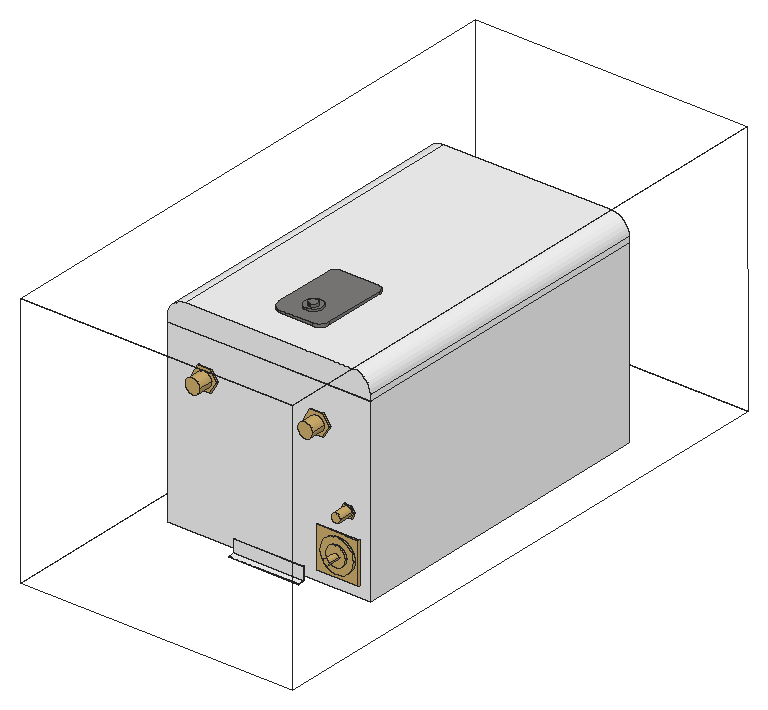
Revit family "Water_Boiler-Navien-NFB-Condensing-02", category Mechanical Equipment, host Face, Revit 2016
Family settings
  Host = Face
  Part Type = Normal
  Round Connector Dimension = Use Diameter
  OmniClass Number = 23.65.35.11
  OmniClass Title = Supply Water Heaters
  Cut with Voids When Loaded = No
  Shared = No
  Room Calculation Point = No
Parameters (values of type "NFB-175")
  Width = 1' - 5 77/256"  # constant formula
  Wi-Fi Ready = "NaviLink Wi‑Fi Control: This add-on accessory enables access to control temperatures remotely, access usage data and receive diagnostic notifications via smartphone or tablet."  # constant formula
  Weight = 123.00 lbf  # constant formula
  Water Pressure = "12–80 psi"  # constant formula
  Warranty Note = "Heat Exchangers: 15 years limited warranty (Residential), 10 years (Commercial) | Parts: 5 years (Residential), 3 years (Commercial) | Labor: 1 year (Residential), 1 year (Commercial)"  # constant formula
  Warranty = "https://www.navieninc.com/warranties"
  Voltage = 120 V
  Version = "2016 - v1.0.a"  # constant formula
  Venting Type = "Forced draft direct vent"  # constant formula
  Venting = if(and([2" Exhaust/Intake], [3" Exhaust/Intake]), "Select one Vent Option", if([2" Exhaust/Intake], "PVC, CPVC, PP | Size (2in) | Length (60 ft)", if([3" Exhaust/Intake], "PVC, CPVC, PP | Size (3in) | Length (150 ft)", "Select Vent Option")))  # "PVC, CPVC, PP | Size (2in) | Length (60 ft)"
  URL = "https://www.navieninc.com"
  Recirculation Inlet = 3/4"  # constant formula
  Propane Gas Supply Pressure = "8.0\" to 13.5\" WC"  # constant formula
  Propane Gas Manifold Pressure = "-0.10\" to -0.68\" WC"  # constant formula
  Product Page URL = "https://www.navieninc.com/products/nfb-175"
  Product Name = "NFB Series Condensing Boiler"  # constant formula
  Product Documentation Link = "https://www.navieninc.com/downloads/navien-nfb-quickfacts-en"
  Power Factor = 1
  Phase = 1
  Number of Poles = 1
  Natural Gas Supply Pressure = "3.5\" to 10.5\" WC"  # constant formula
  Natural Gas Manifold Pressure = "-0.05\" to -0.70\" WC"  # constant formula
  Model = "NFB-175"  # constant formula
  Material = ""
  Manufacturer Phone Number = "(949) 420-0420"  # constant formula
  Manufacturer Fax Number = "(949) 420-0430"  # constant formula
  Manufacturer Address = "20 Goodyear, Irvine, CA 92618"  # constant formula
  Manufacturer = "Navien, Inc."  # constant formula
  Keynote = "22 33 00.A1"
  Intake = if([2" Exhaust/Intake], 2", 3")  # 2"
  Installation Type = "Indoor Wall-Hung"  # constant formula
  Ignition = "Electronic ignition"  # constant formula
  Hot Water Outlet = 1 1/4"  # constant formula
  Height = 2' - 3 77/128"  # constant formula
  Heating Capacity Note = "17,500–175,000(BTU/H)"  # constant formula
  Heating Capacity = 175000.0 Btu/h
  Gas Inlet = 3/4"  # constant formula
  Frequency = 60 Hz
  Flow Rate = 0 GPM
  Finish = Metal - Navien - White
  Exhaust = if([2" Exhaust/Intake], 2", 3")  # 2"
  Description = "NFB High-Efficiency Condensing Fire Tube Boiler"  # constant formula
  Depth = 1' - 5 77/256"  # constant formula
  Default Elevation = 4' - 0"
  Cold Water Inlet = 1 1/4"  # constant formula
  Certifications = "Energy Star | AHRI | CSA | ASME | CSA Blue Star | CSA Blue Flame"  # constant formula
  3" Exhaust/Intake = not([2" Exhaust/Intake])  # no
  2" Exhaust/Intake = yes
  Copyright = "All contents copyright © Navien Inc."  # constant formula
  Clearance [instance] = yes
  Assembly Code = "D3010500"
  Apparent Load = 0 VA
Reference planes (in)
  plane 1 "Center (Elevation)": y = 0
  plane 2: z = 0
  plane 3 "Center (Left/Right)": x = 0
  plane 4 "Top": y = 16.12695
  plane 5 "Left": x = -10.28125
  plane 6 "Bottom": y = -11.47461
  plane 7 "Right": x = 7.01953
  plane 8: z = 17.70078
  plane 9 "Center (Front/Back)": z = 8.85039
  plane 10: y = 18.79695
  plane 11: z = 0.4
  plane 12: x = -1.63086
  plane 13 "Condensate Outlet 1": z = 3.0018
  plane 14 "Condensate Outlet 2": x = 4.31875
  plane 15: z = 12.5
  plane 16 "Heating Supply": x = -7.08125
  plane 17 "Heating Return": x = 2.51875
  plane 18 "Gas Connection": z = 6.7
  plane 19: y = 2.32617
  plane 20: z = 21.70078
  plane 21: z = -0.1
Forms (in)
  Extrusion 1, solid, material "Metal - Navien - White" <- "Finish", detail levels medium+fine
    sketch origin (0, 0, 0) x (0, 1, 0) y (0, 0, 1)
      loop
        line (-11.4781, 1.12877) -> (-11.52126, 1.12877) -> (-11.52126, 0.04724) -> (-12.09194, 0.04724) -> (-12.09194, 0) -> (-11.4781, 0) -> (-11.4781, 1.12877)
    from -4.58124 to 1.3703
  Extrusion 2, solid, material "Metal - Navien - White" <- "Finish", detail levels medium+fine
    sketch origin (0, 0, 0) x (1, 0, 0) y (0, 0, 1)
      loop
        line (-10.28125, 15.75) -> (7.01953, 15.75) -> (7.01953, 16.2125)
        arc (7.01953, 16.2125) -> (6.58362, 17.26487) -> (5.53125, 17.70078) r 1.48828
        line (5.53125, 17.70078) -> (-8.78125, 17.70078)
        arc (-8.78125, 17.70078) -> (-9.84191, 17.26144) -> (-10.28125, 16.20078) r 1.5
        line (-10.28125, 16.20078) -> (-10.28125, 15.75)
    from -16.12695 to 11.47461
  Extrusion 3, solid, material "Metal - Navien - Brass, Soft Yellow"
    sketch origin (-3.25, 0, 0) x (-1, 0, 0) y (0, 0, -1)
      loop
        circle (4.99187, -12.56948) r 0.66749
    from -17.42437 to -16.12695
  Extrusion 4, solid, material "Metal - Navien - Black", detail levels medium+fine
    sketch origin (0, 19.32383, 5.90687) x (0, 1, 0) y (-1, 0, 0)
      loop
        arc (-21.15746, 3.16493) -> (-21.34721, 3.62302) -> (-21.80529, 3.81276) r 0.64783
        line (-21.80529, 3.81276) -> (-27.01433, 3.81276)
        arc (-27.01433, 3.81276) -> (-27.64587, 3.55117) -> (-27.90746, 2.91963) r 0.89314
        line (-27.90746, 2.91963) -> (-27.90746, 0.1692)
        arc (-27.90746, 0.1692) -> (-27.68779, -0.36113) -> (-27.15746, -0.5808) r 0.75
        line (-27.15746, -0.5808) -> (-21.78679, -0.5808)
        arc (-21.78679, -0.5808) -> (-21.34179, -0.39648) -> (-21.15746, 0.04853) r 0.62933
        line (-21.15746, 0.04853) -> (-21.15746, 3.16493)
    from 11.79391 to 12
  Extrusion 5, solid, material "Metal - Navien - Black", detail levels medium+fine
    sketch origin (0, 19.32383, 4.3925) x (0, 1, 0) y (-1, 0, 0)
      loop
        circle (-26.04399, 1.63904) r 0.38018
    from 13.51437 to 13.80828
  Extrusion 6, solid, material "Metal - Navien - Black", detail levels medium+fine
    sketch origin (0, 19.32383, 4.3925) x (0, 1, 0) y (-1, 0, 0)
      loop
        circle (-26.03131, 1.6317) r 0.75
    from 13.30828 to 13.64814
  Extrusion 7, solid, material "Metal - Navien - White" <- "Finish", detail levels medium+fine
    sketch origin (-3.37047, -180, 9.44422) x (0, 0, 1) y (0, -1, 0)
      loop
        line (6.30578, -168.59281) -> (6.25519, -168.59281) -> (6.25519, -168.52539) -> (-9.04422, -168.52539) -> (-9.04422, -196.12695) -> (6.25519, -196.12695) -> (6.25519, -196.09016) -> (6.30578, -196.09016) -> (6.30578, -168.59281)
    from -6.91078 to 10.39
  Extrusion 8, solid, material "Metal - Navien - Brass, Soft Yellow"
    sketch origin (0, 0, 0) x (1, 0, 0) y (0, 0, 1)
      loop
        line (-7.61818, 13.42102) -> (-8.17158, 12.5) -> (-7.55826, 11.62408) -> (-6.55826, 11.62408) -> (-5.97074, 12.60186) -> (-6.54432, 13.42102) -> (-7.61818, 13.42102)
      loop
        line (1.98182, 13.42102) -> (1.42842, 12.5) -> (2.04174, 11.62408) -> (3.04174, 11.62408) -> (3.62926, 12.60186) -> (3.05568, 13.42102) -> (1.98182, 13.42102)
      loop
        line (4.85542, 7.17504) -> (4.62132, 6.71558) -> (4.84406, 6.21528) -> (5.49115, 6.21528) -> (5.70898, 6.73123) -> (5.40013, 7.17504) -> (4.85542, 7.17504)
      loop
        line (2.57445, 4.80111) -> (2.57445, 1.30111) -> (6.07445, 1.30111) -> (6.07445, 4.80111) -> (2.57445, 4.80111)
    from 11.47461 to 11.59257
  Extrusion 9, solid, material "Metal - Navien - Brass, Soft Yellow"
    sketch origin (0, 0, 0) x (1, 0, 0) y (0, 0, 1)
      loop
        circle (-7.08466, 12.49537) r 0.625
      loop
        circle (2.51875, 12.5) r 0.625
      loop
        circle (5.13524, 6.7) r 0.375
      loop
        circle (4.32126, 3.04987) r 0.25
    from 11.47461 to 12.78461
  Extrusion 10, solid, material "Metal - Navien - Brass, Soft Yellow", detail levels medium+fine
    sketch origin (0.1875, 0, -0.0625) x (1, 0, 0) y (0, 0, 1)
      loop
        circle (4.17616, 3.13101) r 1.42959
    from 11.59257 to 11.73334
  Extrusion 11, solid, material "Metal - Navien - Brass, Soft Yellow", detail levels medium+fine
    sketch origin (0.1875, 0, -0.0625) x (1, 0, 0) y (0, 0, 1)
      loop
        circle (4.15906, 3.14811) r 0.83408
    from 11.73334 to 11.841
  Extrusion 12, solid, material "Metal - Navien - Brass, Soft Yellow", detail levels medium+fine
    sketch origin (0, 0, 0) x (1, 0, 0) y (0, 0, 1)
      loop
        arc (-8.70931, 11.36209) -> (-8.24187, 11.46877) -> (-7.77443, 11.36209) r 1.07739
        arc (-7.77443, 11.36209) -> (-6.94715, 12.56948) -> (-7.77443, 13.77688) r 1.29472
        arc (-7.77443, 13.77688) -> (-8.24187, 13.67019) -> (-8.70931, 13.77688) r 1.07739
        arc (-8.70931, 13.77688) -> (-9.53659, 12.56948) -> (-8.70931, 11.36209) r 1.29472
    from -16.12695 to -16.43192
  Extrusion 13, solid, material "Metal - Navien - White" <- "Finish", detail levels coarse
    sketch origin (0, 19.32383, 4.3925) x (0, 1, 0) y (-1, 0, 0)
      loop
        line (-3.19688, 10.28125) -> (-30.79844, 10.28125) -> (-30.79844, -7.01953) -> (-3.19688, -7.01953) -> (-3.19688, 10.28125)
    from -3.9925 to 13.30828
  Extrusion 14, solid, material "Clearances - Navien", visible <- "Clearance"
    sketch origin (0, 19.32383, 4.3925) x (0, 1, 0) y (-1, 0, 0)
      loop
        line (5.80312, 13.28125) -> (-42.79844, 13.28125) -> (-42.79844, -10.01953) -> (5.80312, -10.01953) -> (5.80312, 13.28125)
    from -4.4925 to 17.30828
Cuts and joins
  joined: Extrusion 4, Extrusion 5, Extrusion 6
  joined: Extrusion 8, Extrusion 9
Lines and regions (in)
  Split face 1
    outline origin (0, 19.32383, 17.90687) x (0, 1, 0) y (-1, 0, 0)
      loop
        line (-22.00951, 2.94276) -> (-23.25951, 2.94276) -> (-23.25951, 0.19276) -> (-22.00951, 0.19276) -> (-22.00951, 2.94276)
  Split face 2
    outline origin (0, 19.32383, 17.90687) x (0, 1, 0) y (-1, 0, 0)
      loop
        circle (-26.06161, 1.63904) r 1
  Split face 3
    outline origin (-3.16493, -1.83363, 17.90687) x (-1, 0, 0) y (0, -1, 0)
      loop
        line (-0.40505, 2.81895) -> (-0.40505, 3.1715) -> (-2.77222, 3.1715) -> (-2.77222, 2.81895) -> (-0.40505, 2.81895)
  Split face 4
    outline origin (-3.16493, -1.83363, 17.90687) x (-1, 0, 0) y (0, -1, 0)
      loop
        line (-2.97217, 2.10205) -> (-2.97217, 0.85205) -> (-0.22217, 0.85205) -> (-0.22217, 2.10205) -> (-2.97217, 2.10205)
  Split face 5
    outline origin (-3.16493, -1.83363, 17.90687) x (-1, 0, 0) y (0, -1, 0)
      loop
        circle (-1.52589, 4.90415) r 1
  model lines, style "Clearance", visible <- "Clearance"
    curve 1: line (-13.28125, 25.12695, -0.1) -> (-13.28125, -23.47461, -0.1)
    curve 2: line (-13.28125, -23.47461, -0.1) -> (10.01953, -23.47461, -0.1)
    curve 3: line (10.01953, -23.47461, -0.1) -> (10.01953, 25.12695, -0.1)
    curve 4: line (10.01953, 25.12695, -0.1) -> (-13.28125, 25.12695, -0.1)
    curve 5: line (10.01953, 25.12695, 21.70078) -> (10.01953, -23.47461, 21.70078)
    curve 6: line (10.01953, -23.47461, 21.70078) -> (-13.28125, -23.47461, 21.70078)
    curve 7: line (-13.28125, -23.47461, 21.70078) -> (-13.28125, 25.12695, 21.70078)
    curve 8: line (-13.28125, 25.12695, 21.70078) -> (10.01953, 25.12695, 21.70078)
    curve 9: line (10.01953, 25.12695, 21.70078) -> (10.01953, 25.12695, -0.1)
    curve 10: line (-13.28125, 25.12695, 21.70078) -> (-13.28125, 25.12695, -0.1)
    curve 11: line (10.01953, -23.47461, 21.70078) -> (10.01953, -23.47461, -0.1)
    curve 12: line (-13.28125, -23.47461, 21.70078) -> (-13.28125, -23.47461, -0.1)
Dimensions and locks (in)
  plane 5 "Left" to plane 3 "Center (Left/Right)" to plane 7 "Right" = 0' - 10 9/32", 0' - 7 5/256"
  "Width": plane 5 "Left" to plane 7 "Right"
  "Height": plane 4 "Top" to plane 6 "Bottom"
  "Depth": plane 8 to plane 11
  equal spacing: plane 8, plane 9 "Center (Front/Back)", level
  locked: plane 10 to plane 4 "Top" at 2.67
  locked: plane 11 to plane 2 at 0.4
  equal spacing: plane 7 "Right", plane 12, plane 5 "Left"
  locked: plane 13 "Condensate Outlet 1" to plane 11 at 2.6018
  locked: plane 14 "Condensate Outlet 2" to plane 7 "Right" at 2.70078
  locked: plane 8 to plane 15 at 5.20078
  plane 17 "Heating Return" to plane 16 "Heating Supply" to plane 5 "Left" = 0' - 9.6" locked, 0' - 3.2" locked
  locked: plane 18 "Gas Connection" to plane 11 at 6.3
  host face to plane 9 "Center (Front/Back)" = 0' - 8.85039"  (x2)
  locked: host sketch curve to plane 9 "Center (Front/Back)" at 8.85039  (x24)
  locked: Extrusion 1 to plane 9 "Center (Front/Back)" at 7.72162  (x2)
  locked: Extrusion 1 to plane 9 "Center (Front/Back)" at 8.80315  (x2)
  locked: Extrusion 1 to plane 9 "Center (Front/Back)" at 8.85039  (x2)
  locked: Extrusion 1 sketch curve to plane 9 "Center (Front/Back)" at 8.85039  (x10)
  locked: Extrusion 1 sketch curve to plane 9 "Center (Front/Back)" at 8.80315  (x10)
  locked: Extrusion 1 sketch curve to plane 9 "Center (Front/Back)" at 7.72162  (x10)
  locked: Extrusion 1 to level at 1.12877  (x2)
  locked: Extrusion 1 to level at 0.04724  (x2)
  locked: Extrusion 1 sketch curve to level at 0.04724  (x10)
  locked: Extrusion 1 sketch curve to level at 1.12877  (x10)
  locked: Extrusion 2 to plane 9 "Center (Front/Back)" at 8.85039  (x2)
  locked: Extrusion 2 to plane 9 "Center (Front/Back)" at 6.89961  (x2)
  locked: Extrusion 2 sketch curve to plane 9 "Center (Front/Back)" at 6.89961  (x10)
  locked: Extrusion 2 sketch curve to plane 9 "Center (Front/Back)" at 7.36211  (x4)
  locked: Extrusion 2 sketch curve to plane 9 "Center (Front/Back)" at 8.85039  (x10)
  locked: Extrusion 2 sketch curve to plane 9 "Center (Front/Back)" at 7.35039  (x4)
  locked: Extrusion 2 to level at 17.70078  (x2)
  locked: Extrusion 2 to level at 15.75  (x2)
  locked: Extrusion 2 sketch curve to level at 15.75  (x10)
  locked: Extrusion 2 sketch curve to level at 16.2125  (x4)
  locked: Extrusion 2 sketch curve to level at 17.70078  (x10)
  locked: Extrusion 2 sketch curve to level at 16.20078  (x4)
  locked: Extrusion 4 sketch curve to plane 9 "Center (Front/Back)" at 2.94352  (x48)
  locked: Extrusion 4 sketch curve to level at 5.90687  (x48)
  locked: Extrusion 5 sketch curve to plane 9 "Center (Front/Back)" at 4.45789  (x4)
  locked: Extrusion 5 sketch curve to level at 4.3925  (x4)
  locked: Extrusion 6 sketch curve to plane 9 "Center (Front/Back)" at 4.45789  (x4)
  locked: Extrusion 6 sketch curve to level at 4.3925  (x4)
  locked: Extrusion 7 to plane 9 "Center (Front/Back)" at 6.89961  (x2)
  locked: Extrusion 7 to plane 9 "Center (Front/Back)" at 6.84902  (x4)
  locked: Extrusion 7 to plane 9 "Center (Front/Back)" at 8.45039  (x2)
  locked: Extrusion 7 sketch curve to plane 9 "Center (Front/Back)" at 6.89961  (x10)
  locked: Extrusion 7 sketch curve to plane 9 "Center (Front/Back)" at 6.84902  (x20)
  locked: Extrusion 7 sketch curve to plane 9 "Center (Front/Back)" at 8.45039  (x10)
  locked: Extrusion 7 to level at 15.75  (x2)
  locked: Extrusion 7 to level at 15.69941  (x4)
  locked: Extrusion 7 to level at 0.4  (x2)
  locked: Extrusion 7 sketch curve to level at 15.75  (x10)
  locked: Extrusion 7 sketch curve to level at 15.69941  (x20)
  locked: Extrusion 7 sketch curve to level at 0.4  (x10)
  locked: Extrusion 8 sketch curve to plane 9 "Center (Front/Back)" at 4.57063  (x20)
  locked: Extrusion 8 sketch curve to plane 9 "Center (Front/Back)" at 3.75147  (x8)
  locked: Extrusion 8 sketch curve to plane 9 "Center (Front/Back)" at 2.77369  (x20)
  locked: Extrusion 8 sketch curve to plane 9 "Center (Front/Back)" at 3.64961  (x8)
  locked: Extrusion 8 sketch curve to plane 9 "Center (Front/Back)" at 2.11916  (x4)
  locked: Extrusion 8 sketch curve to plane 9 "Center (Front/Back)" at 1.67535  (x10)
  locked: Extrusion 8 sketch curve to plane 9 "Center (Front/Back)" at 2.63511  (x10)
  locked: Extrusion 8 sketch curve to plane 9 "Center (Front/Back)" at 2.13481  (x4)
  locked: Extrusion 8 sketch curve to plane 9 "Center (Front/Back)" at 4.04928  (x10)
  locked: Extrusion 8 sketch curve to plane 9 "Center (Front/Back)" at 7.54928  (x10)
  locked: Extrusion 8 sketch curve to level at 13.42102  (x20)
  locked: Extrusion 8 sketch curve to level at 12.60186  (x8)
  locked: Extrusion 8 sketch curve to level at 11.62408  (x20)
  locked: Extrusion 8 sketch curve to level at 12.5  (x8)
  locked: Extrusion 8 sketch curve to level at 6.73123  (x4)
  locked: Extrusion 8 sketch curve to level at 7.17504  (x10)
  locked: Extrusion 8 sketch curve to level at 6.21528  (x10)
  locked: Extrusion 8 sketch curve to level at 6.71558  (x4)
  locked: Extrusion 8 sketch curve to level at 4.80111  (x10)
  locked: Extrusion 8 sketch curve to level at 1.30111  (x10)
  plane 6 "Bottom" to Extrusion 1 sketch curve to Extrusion 1 sketch curve to Extrusion 1 sketch curve = 0' - 0.00349" locked, 0' - 0.04316" locked, 0' - 0.57068" locked
  locked: plane 8 to Extrusion 2 sketch curve at 1.95078
  locked: plane 6 "Bottom" to cut or joined group of Extrusion 8, Extrusion 9 at 1.31
  plane 6 "Bottom" to cut or joined group of Extrusion 8, Extrusion 9 to Extrusion 10 to Extrusion 11 = 0' - 0.11796" locked, 0' - 0.14077" locked, 0' - 0.10765" locked
  locked: Extrusion 11 sketch curve to plane 13 "Condensate Outlet 1" at 0.91788
  locked: plane 14 "Condensate Outlet 2" to Extrusion 11 sketch curve at 0.86189
  locked: Extrusion 10 sketch curve to plane 14 "Condensate Outlet 2" at 1.38468
  locked: plane 13 "Condensate Outlet 1" to Extrusion 10 sketch curve at 1.36287
  locked: plane 13 "Condensate Outlet 1" to Extrusion 9 sketch curve at 0.20193
  locked: plane 14 "Condensate Outlet 2" to Extrusion 9 sketch curve at 0.25251
  Extrusion 8 sketch curve to Extrusion 8 sketch curve to Extrusion 8 sketch curve to Extrusion 8 sketch curve to Extrusion 8 sketch curve to Extrusion 8 sketch curve to Extrusion 8 sketch curve to Extrusion 8 sketch curve to Extrusion 8 sketch curve to Extrusion 8 sketch curve to Extrusion 8 sketch curve to Extrusion 8 sketch curve to Extrusion 8 sketch curve to Extrusion 8 sketch curve to plane 12 to Extrusion 8 sketch curve to Extrusion 8 sketch curve to Extrusion 8 sketch curve to Extrusion 8 sketch curve to Extrusion 8 sketch curve to Extrusion 8 sketch curve = 0' - 0.36546" locked, 0' - 0.21784" locked, 0' - 0.09101" locked, 0' - 0.54471" locked, 0' - 0.01136" locked, 0' - 0.22275" locked, 0' - 0.99206" locked, 0' - 0.57358" locked, 0' - 0.01394" locked, 0' - 0.4673" locked, 0' - 0.5327" locked, 0' - 0.05993" locked, 0' - 0.5534" locked, 0' - 3.05928" locked, 0' - 4.33988" locked, 0' - 0.57358" locked, 0' - 0.01394" locked, 0' - 1" locked, 0' - 0.05993" locked, 0' - 0.5534" locked
  Extrusion 8 sketch curve to Extrusion 8 sketch curve to Extrusion 8 sketch curve to Extrusion 8 sketch curve to Extrusion 8 sketch curve to Extrusion 8 sketch curve to Extrusion 8 sketch curve to Extrusion 8 sketch curve to Extrusion 8 sketch curve to Extrusion 8 sketch curve to Extrusion 8 sketch curve to Extrusion 8 sketch curve to Extrusion 8 sketch curve to Extrusion 8 sketch curve to plane 11 = 0' - 0" locked, 0' - 0.81915" locked, 0' - 0" locked, 0' - 0.10186" locked, 0' - 0" locked, 0' - 0.87592" locked, 0' - 0" locked, 0' - 4.44903" locked, 0' - 0.44382" locked, 0' - 0.01565" locked, 0' - 0.5003" locked, 0' - 1.41417" locked, 0' - 3 1/2", 0' - 0.90111"
  locked: Extrusion 7 sketch curve to plane 6 "Bottom" at 0.06742
  locked: plane 12 to Extrusion 6 sketch curve at 0.74916
  locked: plane 6 "Bottom" to Extrusion 6 sketch curve at 4.01714
  equal spacing: plane 4 "Top", plane 19, plane 6 "Bottom"
  locked: plane 12 to Extrusion 5 sketch curve at 0.37199
  locked: plane 19 to Extrusion 5 sketch curve at 9.4265
  Extrusion 4 sketch curve to Extrusion 4 sketch curve to Extrusion 4 sketch curve to plane 12 to Extrusion 4 sketch curve to Extrusion 4 sketch curve to Extrusion 4 sketch curve = 0' - 0.64783" locked, 0' - 0.24531" locked, 0' - 1.28877" locked, 0' - 1.46166" locked, 0' - 0.12067" locked, 0' - 0.62933" locked
  plane 6 "Bottom" to Extrusion 4 sketch curve to Extrusion 4 sketch curve to Extrusion 4 sketch curve to Extrusion 4 sketch curve to Extrusion 4 sketch curve to Extrusion 4 sketch curve = 0' - 2.89098" locked, 0' - 0 3/4" locked, 0' - 0.14314" locked, 0' - 5.20904" locked, 0' - 0.0185" locked, 0' - 0.62933" locked
  locked: plane 11 to nested 1 at 4.1
  locked: nested 1 to plane 5 "Left" at 13.5
  locked: plane 11 to nested 2 at 4.3
  locked: nested 2 to plane 5 "Left" at 3.8
  locked: plane 20 to plane 8 at 4
  locked: Extrusion 13 to plane 21 at 0.5
  locked: Extrusion 14 sketch curve to plane 5 "Left" at 3
  locked: plane 7 "Right" to Extrusion 14 sketch curve at 3
  locked: Extrusion 14 sketch curve to plane 4 "Top" at 9
  locked: Extrusion 14 sketch curve to plane 6 "Bottom" at 12
  locked: plane 12 to Extrusion 3 sketch curve at 6.61101
  locked: Extrusion 3 sketch curve to level at 12.56948
  plane 12 to Extrusion 12 sketch curve to Extrusion 12 sketch curve to Extrusion 12 sketch curve to Extrusion 12 sketch curve = 0' - 6.14357" locked, 0' - 0" locked, 0' - 0.93488" locked, 0' - 0" locked
  Extrusion 12 sketch curve to Extrusion 12 sketch curve to Extrusion 12 sketch curve to Extrusion 12 sketch curve to level = 0' - 0" locked, 0' - 2.41479" locked, 0' - 0" locked, 0' - 11.36209" locked
  Extrusion 13 sketch curve to plane 12 to Extrusion 13 sketch curve = 0' - 8.65039" locked, 0' - 8.65039" locked
  Extrusion 13 sketch curve to plane 19 to Extrusion 13 sketch curve = 1' - 1 205/256" locked, 1' - 1 205/256" locked
  aligned and locked: plane 2 to host face
  aligned and locked: level to host face
  aligned and locked: plane 4 "Top" to Extrusion 2
  aligned and locked: plane 6 "Bottom" to Extrusion 2
  aligned and locked: Extrusion 3 to plane 4 "Top"
  aligned and locked: Extrusion 4 to plane 8
  aligned and locked: Extrusion 6 to plane 8
  aligned and locked: Extrusion 7 to plane 5 "Left"
  aligned and locked: Extrusion 7 to plane 7 "Right"
  aligned and locked: Extrusion 8 to plane 6 "Bottom"
  aligned and locked: Extrusion 9 to plane 6 "Bottom"
  aligned and locked: Extrusion 2 sketch curve to plane 5 "Left"
  aligned and locked: Extrusion 2 sketch curve to plane 7 "Right"
  aligned and locked: plane 8 to Extrusion 2 sketch curve
  aligned and locked: Extrusion 7 sketch curve to plane 4 "Top"
  aligned and locked: plane 6 "Bottom" to Extrusion 7 sketch curve
  aligned and locked: plane 20 to Extrusion 14
  aligned and locked: Extrusion 14 to plane 21
  aligned and locked: plane 20 to curve 11
  aligned and locked: plane 20 to curve 12
  aligned and locked: plane 20 to curve 9
  aligned and locked: plane 20 to curve 10
Automatic sketch dimensions
  host sketch curve to host sketch curve = 3' - 11 9/32"
  host sketch curve to host sketch curve = 3' - 8"
  level to Extrusion 1 sketch curve = 0' - 0"
  plane 7 "Right" to Extrusion 2 sketch curve = 0' - 1 125/256"
  Extrusion 2 sketch curve to Extrusion 2 sketch curve = 0' - 0.45078"
  Split face 1 sketch curve to Extrusion 4 = 0' - 0.87"
  Split face 1 sketch curve to Extrusion 4 = 0' - 2.10205"
  Split face 1 sketch curve to Extrusion 4 = 0' - 0.85205"
  Split face 1 sketch curve to Extrusion 4 = 0' - 0.77356"
  Split face 2 sketch curve to Extrusion 4 = 0' - 1.84585"
  Split face 2 sketch curve to Extrusion 4 = 0' - 2.17372"
  Split face 3 sketch curve to cut or joined group of Extrusion 4, Extrusion 5, Extrusion 6 = 0' - 0.97352"
  Split face 3 sketch curve to cut or joined group of Extrusion 4, Extrusion 5, Extrusion 6 = 0' - 1.05288"
  Split face 3 sketch curve to cut or joined group of Extrusion 4, Extrusion 5, Extrusion 6 = 0' - 2.81895"
  Split face 3 sketch curve to Split face 3 sketch curve = 0' - 0.35256"
  Extrusion 7 sketch curve to plane 4 "Top" = 0' - 0.03679"
  plane 7 "Right" to Extrusion 9 sketch curve = 0' - 1.88429"
  Extrusion 9 sketch curve to plane 9 "Center (Front/Back)" = 0' - 2.15039"
  plane 9 "Center (Front/Back)" to Extrusion 9 sketch curve = 0' - 3.64961"
  plane 9 "Center (Front/Back)" to Extrusion 9 sketch curve = 0' - 3.64498"
  plane 3 "Center (Left/Right)" to Extrusion 9 sketch curve = 0' - 2.51875"
  Extrusion 5 sketch curve to plane 12 = 0' - 0.00818"
  Extrusion 6 sketch curve to plane 12 = 0' - 0.00084"
  plane 5 "Left" to Extrusion 9 sketch curve = 0' - 3.19659"
  Extrusion 12 sketch curve to Extrusion 12 sketch curve = 0' - 0"
  Extrusion 12 sketch curve to plane 16 "Heating Supply" = 0' - 1.16062"
  Extrusion 12 sketch curve to Extrusion 12 sketch curve = 0' - 2.1781"
  Extrusion 12 sketch curve to Extrusion 12 sketch curve = 0' - 0.97071"
  Split face 4 sketch curve to cut or joined group of Extrusion 4, Extrusion 5, Extrusion 6 = 0' - 0.87"
  Split face 4 sketch curve to cut or joined group of Extrusion 4, Extrusion 5, Extrusion 6 = 0' - 0.85205"
  Split face 4 sketch curve to Split face 4 sketch curve = 0' - 1 1/4"
  Split face 4 sketch curve to cut or joined group of Extrusion 4, Extrusion 5, Extrusion 6 = 0' - 0.77356"
  Split face 5 sketch curve to Split face 5 sketch curve = 0' - 0"  (x2)
  Split face 5 sketch curve to cut or joined group of Extrusion 4, Extrusion 5, Extrusion 6 = 0' - 2.17372"
  Split face 5 sketch curve to cut or joined group of Extrusion 4, Extrusion 5, Extrusion 6 = 0' - 1.84585"
  Split face 5 sketch curve to Split face 5 sketch curve = 0' - 1"
  curve 5 to plane 7 "Right" = 0' - 3"
  plane 10 to curve 8 = 0' - 6.33"
  curve 7 to plane 5 "Left" = 0' - 3"
  plane 6 "Bottom" to curve 7 = 1' - 0"
  curve 11 to plane 21 = 0' - 0"
  curve 11 to plane 20 = 0' - 0"
  curve 12 to plane 21 = 0' - 0"
  curve 12 to plane 20 = 0' - 0"
  curve 11 to plane 7 "Right" = 0' - 3"
  curve 12 to plane 5 "Left" = 0' - 3"
  curve 10 to plane 20 = 0' - 0"
  curve 10 to plane 21 = 0' - 0"
  curve 9 to plane 21 = 0' - 0"
  curve 9 to plane 20 = 0' - 0"
  curve 10 to plane 5 "Left" = 0' - 3"
  curve 9 to plane 7 "Right" = 0' - 3"
  curve 2 to plane 7 "Right" = 0' - 3"
  plane 6 "Bottom" to curve 2 = 1' - 0"
  curve 2 to plane 5 "Left" = 0' - 3"
  plane 10 to curve 1 = 0' - 6.33"
  radius of Split face 2 sketch curve = 0' - 1"
  radius of Extrusion 9 sketch curve = 0' - 0 5/8"  (x2)
  radius of Extrusion 9 sketch curve = 0' - 0 3/8"
  radius of Extrusion 9 sketch curve = 0' - 0 1/4"
  radius of Extrusion 10 sketch curve = 0' - 1.42959"
  radius of Extrusion 11 sketch curve = 0' - 0.83408"
  radius of Extrusion 3 sketch curve = 0' - 0.66749"
Nested families (in)
  nested 1: "Intake_Exhaust" at (3.21875, 16.12695, 4.5) x (0, 0, -1) z (0, 1, 0), type "Intake_Exhaust"
  nested 2: "Intake_Exhaust" at (-6.48125, 16.12695, 4.7) x (0, 0, -1) z (0, 1, 0), type "Intake_Exhaust"
Connectors (in)
  piping at (-7.08466, -12.78461, 12.49537), diameter 1.25, driven by "Cold Water Inlet"
    settings: on cut or joined group of Extrusion 8, Extrusion 9, index 1, connector inside diameter 24", connector length 0' - 0", flow factor 0, pipe flow 0 GPM, pressure drop 0.00 psi, fitting loss kfactor 0, connector angle 0.00°, fixture units 0, engagement length 0' - 0", angle of deflection 0.00°, flow configuration 0, flow direction 1, fitting loss method 0, system type 20, joint type 0, gender type 0, connector reference index -1, connector utility 0, adjustable connector no, is connector primary yes, connector description "Heating Supply Connection"
  piping at (5.13524, -12.78461, 6.7), diameter 0.75, driven by "Gas Inlet"
    settings: on cut or joined group of Extrusion 8, Extrusion 9, index 2, connector inside diameter 24", connector length 0' - 0", flow factor 0, pipe flow 0 GPM, pressure drop 0.00 psi, fitting loss kfactor 0, connector angle 0.00°, fixture units 0, engagement length 0' - 0", angle of deflection 0.00°, flow configuration 0, flow direction 1, fitting loss method 0, system type 22, joint type 0, gender type 0, connector reference index -1, connector utility 0, adjustable connector no, is connector primary no, connector description "Natural Gas Connection"
  piping at (2.51875, -12.78461, 12.5), diameter 1.25, driven by "Hot Water Outlet"
    settings: on cut or joined group of Extrusion 8, Extrusion 9, index 3, connector inside diameter 24", connector length 0' - 0", flow factor 0, pipe flow 0 GPM, pressure drop 0.00 psi, fitting loss kfactor 0, connector angle 0.00°, fixture units 0, engagement length 0' - 0", angle of deflection 0.00°, flow configuration 0, flow direction 2, fitting loss method 0, system type 19, joint type 0, gender type 0, connector reference index -1, connector utility 0, adjustable connector no, is connector primary no, connector description "Heating Return Connection"
  piping at (4.32126, -12.78461, 3.04987), diameter 0.5
    settings: on cut or joined group of Extrusion 8, Extrusion 9, index 7, connector inside diameter 24", connector length 0' - 0", flow factor 0, pipe flow 0 GPM, pressure drop 0.00 psi, fitting loss kfactor 0, connector angle 0.00°, fixture units 0, engagement length 0' - 0", angle of deflection 0.00°, flow configuration 0, flow direction 0, fitting loss method 0, system type 7, joint type 0, gender type 0, connector reference index -1, connector utility 0, adjustable connector no, is connector primary no, connector description "Condensate Outlet Connection"
  hvac at (3.21875, 18.24138, 4.5), driven by "Exhaust"
    settings: on nested 1, index 8, duct flow 0 CFM, flow factor 0, pres drop 0.00 in-wg, loss coef 0, conn angle 0.00°, conn width 12", conn height 12", conn diameter 2", duct sys type 3, conn prof type 0, flow config 0, flow direction 2, loss method 0, conn ref index -1, conn util no, is conn primary yes, conn desc "Exhaust Gas Vent Connection"
  hvac at (-6.48125, 18.24138, 4.7), driven by "Exhaust"
    settings: on nested 2, index 9, duct flow 0 CFM, flow factor 0, pres drop 0.00 in-wg, loss coef 0, conn angle 0.00°, conn width 12", conn height 12", conn diameter 2", duct sys type 4, conn prof type 0, flow config 0, flow direction 1, loss method 0, conn ref index -1, conn util no, is conn primary no, conn desc "Air Intake Connection"
  piping at (-8.24187, 17.42437, 12.56948), diameter 0.75
    settings: on Extrusion 3, index 10, connector inside diameter 24", connector length 0' - 0", flow factor 0, pipe flow 0 GPM, pressure drop 0.00 psi, fitting loss kfactor 0, connector angle 0.00°, fixture units 0, engagement length 0' - 0", angle of deflection 0.00°, flow configuration 0, flow direction 2, fitting loss method 0, system type 22, joint type 0, gender type 0, connector reference index -1, connector utility 0, adjustable connector no, is connector primary no, connector description "Pressure Relief Valve Connection"
  electrical at (-1.63086, 2.32617, 0.4), driven by "Power Factor", driven by "Apparent Load", driven by "Voltage", driven by "Number of Poles"
    settings: on Extrusion 7, index 11, voltage 120 V, apparent load 0 VA, apparent load phase1 0 VA, apparent load phase2 0 VA, apparent load phase3 0 VA, power factor 1, load classification "Other", number of poles 1, system type 31, power factor state 1, is connector primary yes, connector utility no, sub classification motor no, connector description "Electrical Connector"
Definition of nested family "Intake_Exhaust"
  Parameters (values of type "Intake_Exhaust")
    Finish = none
    Default Elevation = 4' - 0"
  Reference planes (in)
    plane 1 "Center (Front/Back)": y = 0
    plane 2: z = 0
    plane 3 "Center (Left/Right)": x = 0
    plane 4: x = -1.46602
    plane 5: x = 1.46602
    plane 6: y = -1.45577
    plane 7: y = 1.45577
  Forms (in)
    Extrusion 1, solid
      sketch origin (0, 0, 0) x (1, 0, 0) y (0, 1, 0)
        loop
          line (-48, 48) -> (-48, -48) -> (48, -48) -> (48, 48) -> (-48, 48)
      from 0 to -12
    Extrusion 2, solid, material <- "Finish", detail levels fine
      sketch origin (0, 0, 0) x (1, 0, 0) y (0, 1, 0)
        loop
          arc (0.9965, 1.70215) -> (0.51624, 1.90363) -> (0, 1.97239) r 1.97239
          arc (0, 1.97239) -> (-0.51624, 1.90363) -> (-0.9965, 1.70215) r 1.97239
          line (-0.9965, 1.70215) -> (-1.43788, 1.70215)
          arc (-1.43788, 1.70215) -> (-1.60414, 1.64015) -> (-1.6892, 1.48443) r 0.25391
          line (-1.6892, 1.48443) -> (-1.6892, 1.0183)
          arc (-1.6892, 1.0183) -> (-1.90027, 0.52847) -> (-1.97239, 0) r 1.97239
          arc (-1.97239, 0) -> (-1.90027, -0.52847) -> (-1.6892, -1.0183) r 1.97239
          line (-1.6892, -1.0183) -> (-1.6892, -1.48443)
          arc (-1.6892, -1.48443) -> (-1.60414, -1.64015) -> (-1.43788, -1.70215) r 0.25391
          line (-1.43788, -1.70215) -> (-0.9965, -1.70215)
          arc (-0.9965, -1.70215) -> (-0.51624, -1.90363) -> (0, -1.97239) r 1.97239
          arc (0, -1.97239) -> (0.51624, -1.90363) -> (0.9965, -1.70215) r 1.97239
          line (0.9965, -1.70215) -> (1.43788, -1.70215)
          arc (1.43788, -1.70215) -> (1.60414, -1.64015) -> (1.6892, -1.48443) r 0.25391
          line (1.6892, -1.48443) -> (1.6892, -1.0183)
          arc (1.6892, -1.0183) -> (1.90027, -0.52847) -> (1.97239, 0) r 1.97239
          arc (1.97239, 0) -> (1.90027, 0.52847) -> (1.6892, 1.0183) r 1.97239
          line (1.6892, 1.0183) -> (1.6892, 1.48443)
          arc (1.6892, 1.48443) -> (1.60414, 1.64015) -> (1.43788, 1.70215) r 0.25391
          line (1.43788, 1.70215) -> (0.9965, 1.70215)
      from 0 to 0.34785
    Extrusion 3, solid, material <- "Finish", detail levels fine
      sketch origin (0, 0, 0) x (1, 0, 0) y (0, 0, 1)
        loop
          line (-1.4392, 1.43851) -> (-1.57327, 1.43851) -> (-1.97024, 0.34785) -> (-1.4392, 0.34785) -> (-1.4392, 1.43851)
      from -0.0824 to 0.06448
    Extrusion 4, solid, material <- "Finish", detail levels fine
      sketch origin (0, 0, 0) x (-1, 0, 0) y (0, 0, -1)
        loop
          line (-1.4392, -1.43851) -> (-1.4392, -0.34785) -> (-1.97024, -0.34785) -> (-1.57327, -1.43851) -> (-1.4392, -1.43851)
      from -0.0824 to 0.06448
    Extrusion 5, solid, material <- "Finish", detail levels fine
      sketch origin (-0.01835, 0.01025, 0) x (0, 1, 0) y (0, 0, 1)
        loop
          line (-1.4624, 1.43851) -> (-1.58098, 1.43851) -> (-1.97795, 0.34785) -> (-1.4624, 0.34785) -> (-1.4624, 1.43851)
      from -0.06791 to 0.09876
    Extrusion 6, solid, material <- "Finish", detail levels fine
      sketch origin (-0.01835, -0.01025, 0) x (0, -1, 0) y (0, 0, -1)
        loop
          line (-1.4624, -1.43851) -> (-1.4624, -0.34785) -> (-1.97795, -0.34785) -> (-1.58098, -1.43851) -> (-1.4624, -1.43851)
      from -0.06791 to 0.09876
    Extrusion 7, solid, material <- "Finish", detail levels fine
      sketch origin (0, 0, 0) x (1, 0, 0) y (0, 1, 0)
        loop
          circle (0, 0) r 1.34645
        loop
          circle (0, 0) r 1.25
      from 0.17664 to 2.11443
    Extrusion 8, solid, material <- "Finish", detail levels fine
      sketch origin (0, 0, 0) x (1, 0, 0) y (0, 1, 0)
        loop
          circle (0, 0) r 1.5792
        loop
          circle (0, 0) r 1.34645
      from 0 to 1.4562
    Extrusion 9, solid, material <- "Finish", detail levels coarse+medium
      sketch origin (0, 0, 0) x (1, 0, 0) y (0, 1, 0)
        loop
          line (-1.6892, 1.70215) -> (-1.6892, -1.70215) -> (1.6892, -1.70215) -> (1.6892, 1.70215) -> (-1.6892, 1.70215)
      from 0 to 0.34785
    Extrusion 10, solid, material <- "Finish", detail levels medium
      sketch origin (0, 0, 0) x (1, 0, 0) y (0, 1, 0)
        loop
          circle (0, 0) r 1.97239
      from 0 to 0.34785
    Extrusion 11, solid, material <- "Finish", detail levels coarse+medium
      sketch origin (0, 0, 0) x (1, 0, 0) y (0, 1, 0)
        loop
          circle (0, 0) r 1.34645
      from 0.34785 to 2.11443
  Dimensions and locks (in)
    aligned and locked: plane 2 to Extrusion 1
    aligned and locked: level to Extrusion 1
